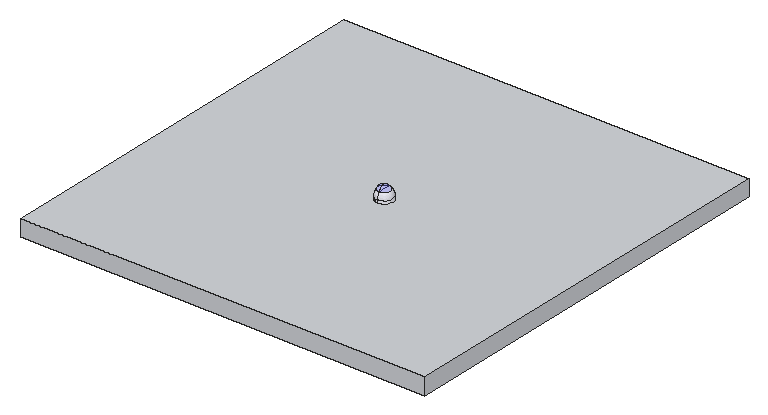
Revit family "BEG-92265", category Dispositifs d'éclairage, Revit 2015
Parameters
  Detection zone [instance] = height position > 499 cm  # yes
  Seat area [instance] = height position < 351 cm  # no
  URL = "http://www.luxomat.com/en-92265"
  Type of output = "Slave"
  Ambiant temperature = "-25°C to +50°C"
  Ref = "92265"
  Relay = "0"
  height position [instance] = 500 cm
  direct Range larg [instance] = (height position * 2) / 2  # 500 cm
  direct Range [instance] = height position * 2  # 1000 cm
  transversal Range Larg [instance] = (height position * 4.4) / 2  # 1100 cm
  transversal Range [instance] = height position * 4.4  # 2200 cm
  Modèle = "PD4/S-GH/SM"
  Installation type = "Ceiling"
  Brand = "LUXOMAT"
  Image du type = 92265.jpg
  IP = "54"
  Mounting height max = Installation height max  # 1400 cm
  Installation height max = 1400 cm
  Fabricant = "B.E.G"
  Label [instance] = yes
  Default Elevation = 0 cm
  Consumption = "0,28W"
  Commentaires du type = "Occupancy detector PD4/S-GH/SM"
  Code d'assemblage = "D5010200"
  Class = "2"
  Switching power LED = "0"
  Switching power Cos ɸ =1 = "0"
  Switching power Cos ɸ =0.5 = "0"
  Power voltage = "110-240 V AC"
Reference planes (cm)
  plane 1 "Centre (avant/arrière)": y = 0
  plane 2: z = 0
  plane 3 "Centre (gauche/droite)": x = 0
Forms (cm)
  Extrusion 1, solid
    sketch origin (0, 0, 0) x (1, 0, 0) y (0, 1, 0)
      loop
        line (-121.92, 121.92) -> (-121.92, -121.92) -> (121.92, -121.92) -> (121.92, 121.92) -> (-121.92, 121.92)
    from 0 to -10
Dimensions and locks (cm)
  aligned and locked: plane 2 to Extrusion 1
  aligned and locked: level to Extrusion 1
  aligned and locked: nested 2 to plane 2
Nested families (cm)
  nested 1: "Famille1" at (0, -72.6659, 0) x (-1, 0, 0) z (0, 0, 1), reference <- "Ref", modele <- "Modèle", visible <- "Label", type "Famille1"
    with reference "92265", modele "PD4/S-GH/SM"
  nested 2: "M14" at (0, 0, 0), type "Standard"
  nested 3: "Plafond 360° 2D" at (0, 0, 0), type "Plafond 360° 2D"
  nested 4: "zone J" at (0, 0, 0), Biais Larg <- "transversal Range Larg", Frontale Larg <- "direct Range larg", Biais Long <- "transversal Range", Frontale Long <- "direct Range", visible <- "Detection zone", type "zone J"
    with position 2 125 cm, position 1 935 cm, Frontale Long 1000 cm, Frontale Larg 500 cm, Biais Long 2200 cm, Biais Larg 1100 cm
Connectors (cm)
  electrical at (0, 0, 0)
    settings: on nested 2, index 1, voltage 240 V, apparent load 0 VA, apparent load phase1 0 VA, apparent load phase2 0 VA, apparent load phase3 0 VA, power factor 1, load classification "Eclairage", number of poles 1, system type 31, power factor state 1, is connector primary yes, connector utility no, sub classification motor no, connector description ""
Definition of nested family "M14"
  Reference planes (cm)
    plane 1 "Centre (avant/arrière)": y = 0
    plane 2: z = 0
    plane 3 "Centre (gauche/droite)": x = 0
    plane 4: x = 0
  Forms (cm)
    Revolve 1, solid
      sketch origin (0, 0, 0) x (0, -1, 0) y (0, 0, 1)
        loop
          line (0, 0) -> (0, 5) -> (-3.8, 5)
          arc (-3.8, 5) -> (-4.577, 3.2225) -> (-4.8363, 1.3) r 7
          line (-4.8363, 1.3) -> (-4.9363, 1.3) -> (-5.05, 0) -> (0, 0)
        axis (0, 0) -> (0, 5)
      angle from 0 to 360
    Revolve 2, solid
      sketch origin (0, 0, 0) x (0, -1, 0) y (0, 0, 1)
        loop
          arc (0, 7.6) -> (-2.2816, 6.8864) -> (-3.75, 5) r 4.0043
          line (-3.75, 5) -> (0, 5) -> (0, 7.6)
        axis (0, 5) -> (0, 7.6)
      angle from 0 to 360
  Lines and regions (cm)
    reference lines
      curve 1: line (0, 0, 0) -> (0, 0, 7.6)
      curve 2: line (0, 0, 5) -> (0, 3.8, 5)
      curve 3: arc (0, 3.8, 5) -> (0, 4.577, 3.2225) -> (0, 4.8363, 1.3) r 7
      curve 4: line (0, 4.9363, 1.3) -> (0, 4.8363, 1.3)
      curve 5: line (0, 5.05, 0) -> (0, 4.9363, 1.3)
      curve 6: line (0, 0, 0) -> (0, 5.05, 0)
      curve 7: arc (0, 0, 7.6) -> (0, 2.2816, 6.8864) -> (0, 3.75, 5) r 4.0043
      curve 8: line (0, 3.75, 5) -> (0, 0, 5)
      curve 9: line (0, 0, 7.6) -> (0, 0, 5)
      curve 10: line (0, 0, 0) -> (0, 0, 7.6)
  Dimensions and locks (cm)
    aligned and locked: level to plane 2
    aligned and locked: Revolve 1 sketch curve to curve 1  (x2)
    aligned and locked: Revolve 1 sketch curve to curve 2
    aligned and locked: Revolve 1 sketch curve to curve 3
    aligned and locked: Revolve 1 sketch curve to curve 4
    aligned and locked: Revolve 1 sketch curve to curve 5
    aligned and locked: Revolve 1 sketch curve to curve 6
    aligned and locked: Revolve 2 sketch curve to curve 7
    aligned and locked: Revolve 2 sketch curve to curve 8
    aligned and locked: Revolve 2 sketch curve to curve 9
    aligned and locked: Revolve 2 sketch curve to curve 10
Definition of nested family "Famille1"
  Parameters (values of type "Famille1")
    reference [instance] = ""
    modele [instance] = ""
  Reference planes (cm)
    plane 1: y = 0
    plane 2: x = 0
  Text (cm)
    label "reference\n\nmodele" at (0.0074, 0.0451, 0), shows "reference", "modele"
Definition of nested family "Plafond 360° 2D"
  Reference planes (cm)
    plane 1: y = 0
    plane 2: x = 0
  Lines and regions (cm)
    Filled region 1, type "rouge"
      outline origin (0, 0, 0) x (1, 0, 0) y (0, 1, 0)
        loop
          circle (0, 0) r 0.0294
    detail lines
      curve 1: arc (-0.1732, 0.1, 0) -> (-0.2, 0, 0) -> (-0.1732, -0.1, 0) r 0.2
      curve 2: arc (-0.1, -0.1732, 0) -> (0, -0.2, 0) -> (0.1, -0.1732, 0) r 0.2
      curve 3: arc (0.1732, -0.1, 0) -> (0.2, 0, 0) -> (0.1732, 0.1, 0) r 0.2
      curve 4: arc (0.1, 0.1732, 0) -> (0, 0.2, 0) -> (-0.1, 0.1732, 0) r 0.2
      curve 5: arc (-0.1375, 0.0794, 0) -> (-0.1588, 0, 0) -> (-0.1375, -0.0794, 0) r 0.1588
      curve 6: arc (-0.0794, -0.1375, 0) -> (0, -0.1588, 0) -> (0.0794, -0.1375, 0) r 0.1588
      curve 7: arc (0.1375, -0.0794, 0) -> (0.1588, 0, 0) -> (0.1375, 0.0794, 0) r 0.1588
      curve 8: arc (0.0794, 0.1375, 0) -> (0, 0.1588, 0) -> (-0.0794, 0.1375, 0) r 0.1588
      curve 9: arc (-0.1019, 0.0588, 0) -> (-0.1176, 0, 0) -> (-0.1019, -0.0588, 0) r 0.1176
      curve 10: arc (-0.0588, -0.1019, 0) -> (0, -0.1176, 0) -> (0.0588, -0.1019, 0) r 0.1176
      curve 11: arc (0.1019, -0.0588, 0) -> (0.1176, 0, 0) -> (0.1019, 0.0588, 0) r 0.1176
      curve 12: arc (0.0588, 0.1019, 0) -> (0, 0.1176, 0) -> (-0.0588, 0.1019, 0) r 0.1176
      curve 13: arc (-0.0294, 0, 0) -> (0, -0.0294, 0) -> (0.0294, 0, 0) r 0.0294
      curve 14: arc (0.0294, 0, 0) -> (0, 0.0294, 0) -> (-0.0294, 0, 0) r 0.0294
Definition of nested family "zone J"
  Parameters (values of type "zone J")
    position 2 [instance] = (Frontale Larg / 2) * 0.5  # 475 cm
    position 1 [instance] = (Biais Long / 2) * 0.85  # 1870 cm
    Frontale Long [instance] = 3000 cm
    Frontale Larg [instance] = 1900 cm
    Biais Long [instance] = 4400 cm
    Biais Larg [instance] = 2200 cm
  Reference planes (cm)
    plane 1 "Centre (avant/arrière)": y = 0
    plane 2: z = 0
    plane 3 "Centre (gauche/droite)": x = 0
    plane 4: x = -1870
    plane 5: y = -475
  Lines and regions (cm)
    detail lines, in view "Niveau de réf."
      curve 1: spline (2.3068, -502.7265, 0) -> (4.0856, -502.3949, 0) -> (5.7432, -501.4226, 0) -> (7.1667, -499.876, 0) -> (8.2589, -497.8603, 0) -> (8.9455, -495.5131, 0) -> (9.1797, -492.9942, 0) -> (8.9455, -490.4753, 0) -> (8.2589, -488.1281, 0) -> (7.1667, -486.1125, 0) -> (5.7432, -484.5658, 0) -> (4.0856, -483.5936, 0) -> (2.3068, -483.262, 0) -> (0.5279, -483.5936, 0) -> (-1.1297, -484.5658, 0) -> (-2.5531, -486.1125, 0) -> (-3.6453, -488.1281, 0) -> (-4.3319, -490.4753, 0) -> (-4.5661, -492.9942, 0) -> (-4.3319, -495.5131, 0) -> (-3.6453, -497.8603, 0) -> (-2.5531, -499.876, 0) -> (-1.1297, -501.4226, 0) -> (0.5279, -502.3949, 0) -> (2.3068, -502.7265, 0)
      curve 2: line (-4.7649, -490.0929, 0) -> (0.5136, -502.9212, 0)
      curve 3: line (3.5648, -503.0775, 0) -> (9.2455, -489.5266, 0)
      curve 4: line (-0.3759, -483.4588, 0) -> (-3.0011, -485.8806, 0)
      curve 5: line (3.5053, -503.5045, 0) -> (6.62, -503.3756, 0)
      curve 6: line (1.7304, -503.3525, 0) -> (3.5053, -503.5045, 0)
      curve 7: line (-4.7649, -490.0929, 0) -> (0.5136, -502.9212, 0)
      curve 8: line (-21.1936, -490.3894, 0) -> (-24.4202, -492.3623, 0)
      curve 9: line (-21.1936, -490.3894, 0) -> (-24.4202, -492.3623, 0)
      curve 10: line (-0.3759, -483.4588, 0) -> (-3.0011, -485.8806, 0)
      curve 11: line (1.7304, -503.3525, 0) -> (6.62, -503.3756, 0)
      curve 12: line (3.5648, -503.0775, 0) -> (9.2455, -489.5266, 0)
      curve 13: line (0, -475, 0) -> (0, -444.0788, 0)
      curve 14: line (0, -444.0788, 0) -> (0, -435.7814, 0)
      curve 15: spline (-1867.6932, -27.7265, 0) -> (-1865.9144, -27.3949, 0) -> (-1864.2568, -26.4226, 0) -> (-1862.8333, -24.876, 0) -> (-1861.7411, -22.8603, 0) -> (-1861.0545, -20.5131, 0) -> (-1860.8203, -17.9942, 0) -> (-1861.0545, -15.4753, 0) -> (-1861.7411, -13.1281, 0) -> (-1862.8333, -11.1125, 0) -> (-1864.2568, -9.5658, 0) -> (-1865.9144, -8.5936, 0) -> (-1867.6932, -8.262, 0) -> (-1869.4721, -8.5936, 0) -> (-1871.1297, -9.5658, 0) -> (-1872.5531, -11.1125, 0) -> (-1873.6453, -13.1281, 0) -> (-1874.3319, -15.4753, 0) -> (-1874.5661, -17.9942, 0) -> (-1874.3319, -20.5131, 0) -> (-1873.6453, -22.8603, 0) -> (-1872.5531, -24.876, 0) -> (-1871.1297, -26.4226, 0) -> (-1869.4721, -27.3949, 0) -> (-1867.6932, -27.7265, 0)
      curve 16: line (-1874.7649, -15.0929, 0) -> (-1869.4864, -27.9212, 0)
      curve 17: line (-1866.4352, -28.0775, 0) -> (-1860.7545, -14.5266, 0)
      curve 18: line (-1870.3759, -8.4588, 0) -> (-1873.0011, -10.8806, 0)
      curve 19: line (-1866.4947, -28.5045, 0) -> (-1863.38, -28.3756, 0)
      curve 20: line (-1868.2696, -28.3525, 0) -> (-1866.4947, -28.5045, 0)
      curve 21: line (-1874.7649, -15.0929, 0) -> (-1869.4864, -27.9212, 0)
      curve 22: line (-1891.1936, -15.3894, 0) -> (-1894.4202, -17.3623, 0)
      curve 23: line (-1891.1936, -15.3894, 0) -> (-1894.4202, -17.3623, 0)
      curve 24: line (-1870.3759, -8.4588, 0) -> (-1873.0011, -10.8806, 0)
      curve 25: line (-1868.2696, -28.3525, 0) -> (-1863.38, -28.3756, 0)
      curve 26: line (-1866.4352, -28.0775, 0) -> (-1860.7545, -14.5266, 0)
      curve 27: line (-1870, 0, 0) -> (-1870, 30.9212, 0)
      curve 28: line (-1870, 30.9212, 0) -> (-1870, 39.2186, 0)
      curve 169: spline (2200, 0, 0) -> (2125.0368, 284.7009, 0) -> (1905.2559, 550, 0) -> (1555.6349, 777.8175, 0) -> (1100, 952.6279, 0) -> (569.4019, 1062.5184, 0) -> (0, 1100, 0) -> (-569.4019, 1062.5184, 0) -> (-1100, 952.6279, 0) -> (-1555.6349, 777.8175, 0) -> (-1905.2559, 550, 0) -> (-2125.0368, 284.7009, 0) -> (-2200, 0, 0) -> (-2125.0368, -284.7009, 0) -> (-1905.2559, -550, 0) -> (-1555.6349, -777.8175, 0) -> (-1100, -952.6279, 0) -> (-569.4019, -1062.5184, 0) -> (0, -1100, 0) -> (569.4019, -1062.5184, 0) -> (1100, -952.6279, 0) -> (1555.6349, -777.8175, 0) -> (1905.2559, -550, 0) -> (2125.0368, -284.7009, 0) -> (2200, 0, 0)
      curve 170: spline (-1500, 0, 0) -> (-1448.8887, 245.8781, 0) -> (-1299.0381, 475, 0) -> (-1060.6602, 671.7514, 0) -> (-750, 822.7241, 0) -> (-388.2286, 917.6295, 0) -> (0, 950, 0) -> (388.2286, 917.6295, 0) -> (750, 822.7241, 0) -> (1060.6602, 671.7514, 0) -> (1299.0381, 475, 0) -> (1448.8887, 245.8781, 0) -> (1500, 0, 0) -> (1448.8887, -245.8781, 0) -> (1299.0381, -475, 0) -> (1060.6602, -671.7514, 0) -> (750, -822.7241, 0) -> (388.2286, -917.6295, 0) -> (0, -950, 0) -> (-388.2286, -917.6295, 0) -> (-750, -822.7241, 0) -> (-1060.6602, -671.7514, 0) -> (-1299.0381, -475, 0) -> (-1448.8887, -245.8781, 0) -> (-1500, 0, 0)
    detail lines, in view "Niveau de réf.", not visible
      curve 29: spline (925.976, -22.5654, 0) -> (926.342, -22.7186, 0) -> (927.4152, -22.8614, 0) -> (929.1224, -22.984, 0) -> (931.3472, -23.0781, 0) -> (933.938, -23.1373, 0) -> (936.7184, -23.1574, 0) -> (939.4987, -23.1373, 0) -> (942.0896, -23.0781, 0) -> (944.3144, -22.984, 0) -> (946.0216, -22.8614, 0) -> (947.0948, -22.7186, 0) -> (947.4608, -22.5654, 0) -> (947.0948, -22.4122, 0) -> (946.0216, -22.2694, 0) -> (944.3144, -22.1467, 0) -> (942.0896, -22.0527, 0) -> (939.4987, -21.9935, 0) -> (936.7184, -21.9733, 0) -> (933.938, -21.9935, 0) -> (931.3472, -22.0527, 0) -> (929.1224, -22.1467, 0) -> (927.4152, -22.2694, 0) -> (926.342, -22.4122, 0) -> (925.976, -22.5654, 0)
      curve 30: line (925.976, -22.5654, 0) -> (927.5256, -22.2591, 0)
      curve 31: arc (928.6032, -42.366, 0) -> (923.9612, -42.9632, 0) -> (919.6215, -44.716, 0) r 18.3388
      curve 32: arc (919.6215, -44.716, 0) -> (919.5545, -44.7818, 0) -> (919.5297, -44.8725, 0) r 0.1799
      curve 33: arc (928.7956, -42.9577, 0) -> (924.5053, -43.3576, 0) -> (920.3988, -44.6624, 0) r 20.1051
      curve 34: arc (920.3988, -44.6624, 0) -> (920.213, -44.7562, 0) -> (920.0404, -44.8725, 0) r 1.6679
      curve 35: circle (919.7851, -45.6065, 0) r 0.5096 normal (0, 0, 1)
      curve 36: arc (920.3547, -45.6065, 0) -> (919.7851, -45.0369, 0) -> (919.2155, -45.6065, 0) r 0.5696
      curve 37: arc (920.4147, -45.6065, 0) -> (919.7851, -44.9769, 0) -> (919.1555, -45.6065, 0) r 0.6296
      curve 38: arc (944.8336, -42.366, 0) -> (949.4756, -42.9632, 0) -> (953.8152, -44.716, 0) r 18.3388
      curve 39: arc (953.8152, -44.716, 0) -> (953.8823, -44.7818, 0) -> (953.907, -44.8725, 0) r 0.1799
      curve 40: arc (944.6412, -42.9577, 0) -> (948.9315, -43.3576, 0) -> (953.038, -44.6624, 0) r 20.1051
      curve 41: arc (953.038, -44.6624, 0) -> (953.2237, -44.7562, 0) -> (953.3964, -44.8725, 0) r 1.6679
      curve 42: circle (953.6517, -45.6065, 0) r 0.5096 normal (0, 0, 1)
      curve 43: arc (954.2213, -45.6065, 0) -> (953.6517, -45.0369, 0) -> (953.0821, -45.6065, 0) r 0.5696
      curve 44: arc (954.2813, -45.6065, 0) -> (953.6517, -44.9769, 0) -> (953.0221, -45.6065, 0) r 0.6296
      curve 45: arc (935.9933, -42.366, 0) -> (932.2655, -43.2182, 0) -> (928.7471, -44.716, 0) r 21.5424
      curve 46: arc (928.7471, -44.716, 0) -> (928.68, -44.7818, 0) -> (928.6553, -44.8725, 0) r 0.1799
      curve 47: arc (935.9933, -42.9577, 0) -> (932.6991, -43.5833, 0) -> (929.5243, -44.6624, 0) r 23.9713
      curve 48: arc (929.5243, -44.6624, 0) -> (929.3417, -44.7544, 0) -> (929.1716, -44.8681, 0) r 1.6679
      curve 49: arc (936.2298, -42.9577, 0) -> (932.9838, -43.6066, 0) -> (929.8464, -44.6624, 0) r 26.0219
      curve 50: arc (929.8464, -44.6624, 0) -> (929.6606, -44.7562, 0) -> (929.488, -44.8725, 0) r 1.6679
      curve 51: circle (929.0716, -45.6065, 0) r 0.5096 normal (0, 0, 1)
      curve 52: arc (929.6412, -45.6065, 0) -> (929.0716, -45.0369, 0) -> (928.502, -45.6065, 0) r 0.5696
      curve 53: arc (929.7012, -45.6065, 0) -> (929.0716, -44.9769, 0) -> (928.442, -45.6065, 0) r 0.6296
      curve 54: arc (937.4435, -42.366, 0) -> (941.1713, -43.2182, 0) -> (944.6897, -44.716, 0) r 21.5424
      curve 55: arc (944.6897, -44.716, 0) -> (944.7568, -44.7818, 0) -> (944.7815, -44.8725, 0) r 0.1799
      curve 56: arc (937.4435, -42.9577, 0) -> (940.7377, -43.5833, 0) -> (943.9124, -44.6624, 0) r 23.9713
      curve 57: arc (943.9124, -44.6624, 0) -> (944.0982, -44.7562, 0) -> (944.2708, -44.8725, 0) r 1.6679
      curve 58: arc (937.207, -42.9577, 0) -> (940.453, -43.6066, 0) -> (943.5904, -44.6624, 0) r 26.0219
      curve 59: arc (943.5904, -44.6624, 0) -> (943.7762, -44.7562, 0) -> (943.9488, -44.8725, 0) r 1.6679
      curve 60: circle (944.3651, -45.6065, 0) r 0.5096 normal (0, 0, 1)
      curve 61: arc (944.9347, -45.6065, 0) -> (944.3651, -45.0369, 0) -> (943.7956, -45.6065, 0) r 0.5696
      curve 62: arc (944.9947, -45.6065, 0) -> (944.3651, -44.9769, 0) -> (943.7356, -45.6065, 0) r 0.6296
      curve 63: arc (928.2447, -16.9067, 0) -> (929.3751, -19.9599, 0) -> (932.3873, -21.1953, 0) r 4.0512
      curve 64: arc (947.5341, -21.5503, 0) -> (948.2989, -21.9955, 0) -> (948.4581, -22.866, 0) r 1.0582
      curve 65: arc (948.4581, -22.866, 0) -> (947.1637, -32.0042, 0) -> (947.1824, -41.2336, 0) r 64.7189
      curve 66: arc (947.1824, -41.2336, 0) -> (947.3196, -41.7803, 0) -> (947.8, -42.0753, 0) r 0.7467
      curve 67: arc (947.8, -42.0753, 0) -> (950.8812, -42.6489, 0) -> (954.0146, -42.7177, 0) r 19.3577
      curve 68: arc (954.0146, -42.7177, 0) -> (953.6164, -42.2163, 0) -> (953.0065, -42.0212, 0) r 1.1013
      curve 69: arc (953.0065, -42.0212, 0) -> (950.8253, -41.5868, 0) -> (948.6939, -40.9514, 0) r 23.8747
      curve 70: arc (948.6939, -40.9514, 0) -> (949.6481, -32.326, 0) -> (950.4047, -23.6811, 0) r 379.1961
      curve 71: arc (950.4047, -23.6811, 0) -> (950.1819, -20.9354, 0) -> (948.1945, -19.0278, 0) r 3.8846
      curve 72: arc (948.1945, -19.0278, 0) -> (942.0386, -16.9625, 0) -> (935.5985, -16.1341, 0) r 33.2193
      curve 73: arc (935.5985, -16.1341, 0) -> (936.4011, -8.4722, 0) -> (936.3918, -0.7683, 0) r 72.9952
      curve 74: arc (936.1411, 2.5028, 0) -> (936.0331, 3.5186, 0) -> (935.9108, 4.5328, 0) r 72.9952
      curve 75: arc (933.0779, 4.298, 0) -> (930.9101, 3.5141, 0) -> (931.7641, 1.3729, 0) r 1.6042
      curve 76: arc (935.9108, 4.5328, 0) -> (932.5228, 6.4802, 0) -> (929.1348, 4.5328, 0) r 3.9209
      curve 77: arc (962.4108, -5.4595, 0) -> (962.3989, -5.5507, 0) -> (962.3115, -5.5223, 0) r 0.0597
      curve 78: arc (960.275, -5.2364, 0) -> (960.303, -5.394, 0) -> (960.1444, -5.4151, 0) r 0.1108
      curve 79: spline (932.3619, 15.8637, 0) -> (933.2734, 15.7331, 0) -> (934.1297, 15.3083, 0) -> (934.8726, 14.6182, 0) -> (935.4514, 13.7099, 0) -> (935.8267, 12.6452, 0) -> (935.9728, 11.4968, 0) -> (935.8798, 10.3428, 0) -> (935.5541, 9.262, 0) -> (935.0179, 8.3279, 0) -> (934.3076, 7.6043, 0) -> (933.4718, 7.1404, 0) -> (932.5673, 6.9679, 0) -> (931.6558, 7.0985, 0) -> (930.7994, 7.5233, 0) -> (930.0565, 8.2134, 0) -> (929.4777, 9.1217, 0) -> (929.1025, 10.1864, 0) -> (928.9564, 11.3348, 0) -> (929.0493, 12.4888, 0) -> (929.375, 13.5696, 0) -> (929.9113, 14.5037, 0) -> (930.6215, 15.2273, 0) -> (931.4574, 15.6912, 0) -> (932.3619, 15.8637, 0)
      curve 80: line (957.0918, -46.116, 0) -> (997.8768, -46.116, 0)
      curve 81: line (997.8768, -46.116, 0) -> (997.8768, -7.1091, 0)
      curve 82: line (997.8768, -7.1091, 0) -> (957.0918, -7.1091, 0)
      curve 83: line (957.0918, -7.1091, 0) -> (957.0918, -46.116, 0)
      curve 84: line (957.0918, -46.116, 0) -> (910.5345, -46.116, 0)
      curve 85: line (951.1501, -7.1091, 0) -> (1003.8185, -7.1091, 0)
      curve 86: line (1003.8185, -7.1091, 0) -> (1003.8185, -5.6427, 0)
      curve 87: line (1003.8185, -5.6427, 0) -> (951.1501, -5.6427, 0)
      curve 88: line (951.1501, -5.6427, 0) -> (951.1501, -7.1091, 0)
      curve 89: line (935.7304, -23.1574, 0) -> (937.7064, -23.1574, 0)
      curve 90: line (937.7064, -23.1574, 0) -> (937.7064, -42.366, 0)
      curve 91: line (937.7064, -42.366, 0) -> (935.7304, -42.366, 0)
      curve 92: line (935.7304, -42.366, 0) -> (935.7304, -23.1574, 0)
      curve 93: line (935.7304, -42.366, 0) -> (928.6032, -42.366, 0)
      curve 94: line (919.5297, -44.8725, 0) -> (920.0404, -44.8725, 0)
      curve 95: line (937.4435, -42.366, 0) -> (937.207, -42.9577, 0)
      curve 96: line (937.207, -42.9577, 0) -> (937.4435, -42.9577, 0)
      curve 97: line (937.4435, -42.9577, 0) -> (936.7184, -42.9577, 0)
      curve 98: line (936.7184, -42.9577, 0) -> (935.9933, -42.9577, 0)
      curve 99: line (935.9933, -42.9577, 0) -> (936.2298, -42.9577, 0)
      curve 100: line (936.2298, -42.9577, 0) -> (935.9933, -42.366, 0)
      curve 101: line (933.13, -42.9577, 0) -> (928.7956, -42.9577, 0)
      curve 102: line (919.2155, -45.6065, 0) -> (919.1555, -45.6065, 0)
      curve 103: line (920.3547, -45.6065, 0) -> (920.4147, -45.6065, 0)
      curve 104: line (919.8851, -44.9848, 0) -> (919.8851, -44.8725, 0)
      curve 105: line (919.6851, -44.9848, 0) -> (919.6851, -44.8725, 0)
      curve 106: line (937.7064, -42.366, 0) -> (944.8336, -42.366, 0)
      curve 107: line (953.907, -44.8725, 0) -> (953.3964, -44.8725, 0)
      curve 108: line (940.3068, -42.9577, 0) -> (944.6412, -42.9577, 0)
      curve 109: line (954.2213, -45.6065, 0) -> (954.2813, -45.6065, 0)
      curve 110: line (953.0821, -45.6065, 0) -> (953.0221, -45.6065, 0)
      curve 111: line (953.5517, -44.9848, 0) -> (953.5517, -44.8725, 0)
      curve 112: line (953.7517, -44.9848, 0) -> (953.7517, -44.8725, 0)
      curve 113: line (928.6553, -44.8725, 0) -> (929.488, -44.8725, 0)
      curve 114: line (928.502, -45.6065, 0) -> (928.442, -45.6065, 0)
      curve 115: line (929.6412, -45.6065, 0) -> (929.7012, -45.6065, 0)
      curve 116: line (929.1716, -44.9848, 0) -> (929.1716, -44.8681, 0)
      curve 117: line (928.9716, -44.9848, 0) -> (928.9716, -44.8725, 0)
      curve 118: line (944.7815, -44.8725, 0) -> (943.9488, -44.8725, 0)
      curve 119: line (944.9347, -45.6065, 0) -> (944.9947, -45.6065, 0)
      curve 120: line (943.7956, -45.6065, 0) -> (943.7356, -45.6065, 0)
      curve 121: line (944.2651, -44.9848, 0) -> (944.2651, -44.8725, 0)
      curve 122: line (944.4651, -44.9848, 0) -> (944.4651, -44.8725, 0)
      curve 123: line (932.3873, -21.1953, 0) -> (947.5341, -21.5503, 0)
      curve 124: line (928.2447, -16.9067, 0) -> (929.1348, 4.5328, 0)
      curve 125: line (933.0779, 4.298, 0) -> (945.9271, -3.2324, 0)
      curve 126: line (945.9271, -3.2324, 0) -> (956.9598, -4.1102, 0)
      curve 127: line (956.9598, -4.1102, 0) -> (959.6493, -4.0553, 0)
      curve 128: line (959.6493, -4.0553, 0) -> (961.5155, -4.4943, 0)
      curve 129: line (961.5155, -4.4943, 0) -> (962.4108, -5.4595, 0)
      curve 130: line (962.3115, -5.5223, 0) -> (961.4719, -4.6876, 0)
      curve 131: line (961.4719, -4.6876, 0) -> (959.6412, -4.4783, 0)
      curve 132: line (959.6412, -4.4783, 0) -> (959.2367, -4.7524, 0)
      curve 133: line (959.2367, -4.7524, 0) -> (960.275, -5.2364, 0)
      curve 134: line (960.1444, -5.4151, 0) -> (958.5871, -4.8823, 0)
      curve 135: line (958.5871, -4.8823, 0) -> (956.7566, -5.1214, 0)
      curve 136: line (956.7566, -5.1214, 0) -> (945.2383, -4.8614, 0)
      curve 137: line (945.2383, -4.8614, 0) -> (931.7641, 1.3729, 0)
      curve 138: line (931.3882, 7.1969, 0) -> (931.2583, 6.2707, 0)
      curve 139: line (933.7384, 7.2529, 0) -> (933.8809, 6.2375, 0)
      curve 140: line (997.8768, -46.116, 0) -> (1009.4512, -46.116, 0)
      curve 141: spline (630.3724, -48.277, 0) -> (632.1512, -47.9453, 0) -> (633.8088, -46.9731, 0) -> (635.2323, -45.4264, 0) -> (636.3245, -43.4108, 0) -> (637.0111, -41.0636, 0) -> (637.2453, -38.5447, 0) -> (637.0111, -36.0258, 0) -> (636.3245, -33.6786, 0) -> (635.2323, -31.663, 0) -> (633.8088, -30.1163, 0) -> (632.1512, -29.1441, 0) -> (630.3724, -28.8124, 0) -> (628.5935, -29.1441, 0) -> (626.9359, -30.1163, 0) -> (625.5125, -31.663, 0) -> (624.4202, -33.6786, 0) -> (623.7336, -36.0258, 0) -> (623.4995, -38.5447, 0) -> (623.7336, -41.0636, 0) -> (624.4202, -43.4108, 0) -> (625.5125, -45.4264, 0) -> (626.9359, -46.9731, 0) -> (628.5935, -47.9453, 0) -> (630.3724, -48.277, 0)
      curve 142: line (623.3007, -35.6434, 0) -> (628.5792, -48.4717, 0)
      curve 143: line (631.6303, -48.628, 0) -> (637.311, -35.0771, 0)
      curve 144: line (627.6897, -29.0093, 0) -> (625.0645, -31.4311, 0)
      curve 145: line (631.5709, -49.055, 0) -> (634.6856, -48.9261, 0)
      curve 146: line (629.7959, -48.903, 0) -> (631.5709, -49.055, 0)
      curve 147: line (623.3007, -35.6434, 0) -> (628.5792, -48.4717, 0)
      curve 148: line (606.872, -35.9399, 0) -> (603.6454, -37.9127, 0)
      curve 149: line (606.872, -35.9399, 0) -> (603.6454, -37.9127, 0)
      curve 150: line (627.6897, -29.0093, 0) -> (625.0645, -31.4311, 0)
      curve 151: line (629.7959, -48.903, 0) -> (634.6856, -48.9261, 0)
      curve 152: line (631.6303, -48.628, 0) -> (637.311, -35.0771, 0)
      curve 153: line (628.0656, -20.5505, 0) -> (628.0656, 10.3707, 0)
      curve 154: line (628.0656, 10.3707, 0) -> (628.0656, 18.6681, 0)
      curve 155: spline (1030.3724, -260.777, 0) -> (1032.1512, -260.4453, 0) -> (1033.8088, -259.4731, 0) -> (1035.2323, -257.9264, 0) -> (1036.3245, -255.9108, 0) -> (1037.0111, -253.5636, 0) -> (1037.2453, -251.0447, 0) -> (1037.0111, -248.5258, 0) -> (1036.3245, -246.1786, 0) -> (1035.2323, -244.163, 0) -> (1033.8088, -242.6163, 0) -> (1032.1512, -241.6441, 0) -> (1030.3724, -241.3124, 0) -> (1028.5935, -241.6441, 0) -> (1026.9359, -242.6163, 0) -> (1025.5125, -244.163, 0) -> (1024.4202, -246.1786, 0) -> (1023.7336, -248.5258, 0) -> (1023.4995, -251.0447, 0) -> (1023.7336, -253.5636, 0) -> (1024.4202, -255.9108, 0) -> (1025.5125, -257.9264, 0) -> (1026.9359, -259.4731, 0) -> (1028.5935, -260.4453, 0) -> (1030.3724, -260.777, 0)
      curve 156: line (1023.3007, -248.1434, 0) -> (1028.5792, -260.9717, 0)
      curve 157: line (1031.6303, -261.128, 0) -> (1037.311, -247.5771, 0)
      curve 158: line (1027.6897, -241.5093, 0) -> (1025.0645, -243.9311, 0)
      curve 159: line (1031.5709, -261.555, 0) -> (1034.6856, -261.4261, 0)
      curve 160: line (1029.7959, -261.403, 0) -> (1031.5709, -261.555, 0)
      curve 161: line (1023.3007, -248.1434, 0) -> (1028.5792, -260.9717, 0)
      curve 162: line (1006.872, -248.4399, 0) -> (1003.6454, -250.4127, 0)
      curve 163: line (1006.872, -248.4399, 0) -> (1003.6454, -250.4127, 0)
      curve 164: line (1027.6897, -241.5093, 0) -> (1025.0645, -243.9311, 0)
      curve 165: line (1029.7959, -261.403, 0) -> (1034.6856, -261.4261, 0)
      curve 166: line (1031.6303, -261.128, 0) -> (1037.311, -247.5771, 0)
      curve 167: line (1028.0656, -233.0505, 0) -> (1028.0656, -202.1293, 0)
      curve 168: line (1028.0656, -202.1293, 0) -> (1028.0656, -193.8319, 0)
  Text (cm)
    text "2" at (0.4332, -516.3743, 0), in view "Niveau de réf."
    text "1" at (-1869.5668, -41.3743, 0), in view "Niveau de réf."
    text "1" at (628.4988, -61.9248, 0), in view "Niveau de réf.", not visible
    text "2" at (1028.4988, -274.4248, 0), in view "Niveau de réf.", not visible
  Dimensions and locks (cm)
    "position 1": plane 4 to plane 3 "Centre (gauche/droite)"
    "position 2": plane 5 to plane 1 "Centre (avant/arrière)"
    "Biais Long": curve 169 to curve 169
    "Biais Larg": curve 169 to curve 169
    "Frontale Long": curve 170 to curve 170
    "Frontale Larg": curve 170 to curve 170
    aligned and locked: curve 27 to plane 1 "Centre (avant/arrière)"
    aligned and locked: curve 13 to plane 3 "Centre (gauche/droite)"
    aligned and locked: plane 4 to curve 27
    aligned and locked: plane 5 to curve 13
  Automatic sketch dimensions
    curve 170 to plane 1 "Centre (avant/arrière)" = 0 cm
    curve 170 to plane 3 "Centre (gauche/droite)" = 0 cm
    plane 1 "Centre (avant/arrière)" to curve 169 = 0 cm
    curve 169 to plane 3 "Centre (gauche/droite)" = 0 cm
